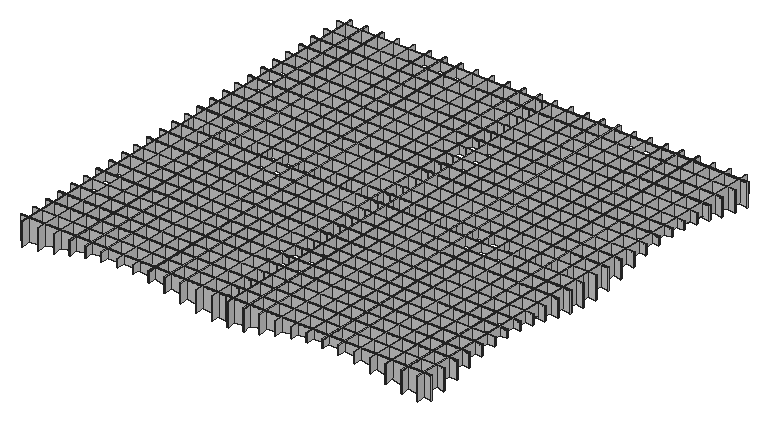
Revit family "CLD-WFL-002_RFA", category Modelos genéricos, Revit 2022 (continued)
Forms (in)
  Extrusion 278, solid
    sketch origin (62.07278, 216, 0) x (0, -1, 0) y (0, 0, 1)
      loop
        spline (79.16322, 3.45665) -> (79.81589, 3.61318) -> (80.46845, 3.77015) -> (81.12094, 3.92726) -> (81.77342, 4.08422) -> (82.42595, 4.24075) -> (83.07858, 4.39655) -> (83.73137, 4.55134) -> (84.38439, 4.70482) -> (85.03768, 4.85671) -> (85.6913, 5.00672) -> (86.34531, 5.15455) -> (86.99978, 5.29992)
        spline (86.99978, 5.29992) -> (87.72678, 5.4553) -> (88.45445, 5.60712) -> (89.18284, 5.75506) -> (89.91202, 5.8988) -> (90.64204, 6.03803) -> (91.37299, 6.17243) -> (92.1049, 6.3017) -> (92.83786, 6.42551) -> (93.57191, 6.54354) -> (94.30712, 6.6555) -> (95.04356, 6.76106) -> (95.78122, 6.8601)
        spline (95.78122, 6.8601) -> (96.43065, 6.93786) -> (97.08095, 7.01021) -> (97.73207, 7.07724) -> (98.38393, 7.13903) -> (99.03648, 7.19567) -> (99.68963, 7.24723) -> (100.34334, 7.29382) -> (100.99753, 7.33551) -> (101.65213, 7.37238) -> (102.30709, 7.40452) -> (102.96233, 7.43202) -> (103.61778, 7.45496)
        spline (103.61778, 7.45496) -> (103.98301, 7.46494) -> (104.34826, 7.47372) -> (104.71353, 7.4813) -> (105.0788, 7.48768) -> (105.44406, 7.4929) -> (105.80931, 7.49695) -> (106.17454, 7.49984) -> (106.53973, 7.5016) -> (106.90488, 7.50223) -> (107.26998, 7.50173) -> (107.63503, 7.50014) -> (108, 7.49745)
        line (108, 7.49745) -> (108, 11.82144)
    from -0.47244 to 0
  Extrusion 279, solid
    sketch origin (62.54522, 216, 0) x (0, -1, 0) y (0, 0, 1)
      loop
        line (108, 11.82144) -> (0, 11.82144) -> (0, 7.49745)
        spline (0, 7.49745) -> (0.32561, 7.50061) -> (0.65129, 7.5028) -> (0.97702, 7.504) -> (1.3028, 7.50421) -> (1.62862, 7.5034) -> (1.95447, 7.50158) -> (2.28035, 7.49874) -> (2.60624, 7.49485) -> (2.93213, 7.48991) -> (3.25803, 7.48392) -> (3.58391, 7.47685) -> (3.90978, 7.46871)
        spline (3.90978, 7.46871) -> (4.64427, 7.44283) -> (5.37852, 7.41184) -> (6.11245, 7.37564) -> (6.84598, 7.33415) -> (7.57905, 7.28726) -> (8.31158, 7.23488) -> (9.04349, 7.17692) -> (9.77471, 7.11327) -> (10.50517, 7.04386) -> (11.23479, 6.96857) -> (11.9635, 6.88732) -> (12.69122, 6.80001)
        spline (12.69122, 6.80001) -> (13.34456, 6.71191) -> (13.99682, 6.61804) -> (14.64799, 6.5185) -> (15.29813, 6.41358) -> (15.94729, 6.30354) -> (16.59553, 6.18867) -> (17.2429, 6.06925) -> (17.88946, 5.94556) -> (18.53527, 5.81787) -> (19.18038, 5.68647) -> (19.82484, 5.55162) -> (20.46871, 5.41362)
        spline (20.46871, 5.41362) -> (21.20701, 5.25043) -> (21.94481, 5.08446) -> (22.68216, 4.91603) -> (23.41914, 4.74548) -> (24.15581, 4.57314) -> (24.89224, 4.39932) -> (25.62848, 4.22436) -> (26.36461, 4.04857) -> (27.10068, 3.8723) -> (27.83677, 3.69586) -> (28.57293, 3.51959) -> (29.30922, 3.3438)
        spline (29.30922, 3.3438) -> (29.95995, 3.18922) -> (30.61094, 3.03586) -> (31.26223, 2.884) -> (31.91387, 2.73392) -> (32.56591, 2.58591) -> (33.21841, 2.44027) -> (33.87141, 2.29726) -> (34.52497, 2.15719) -> (35.17914, 2.02034) -> (35.83396, 1.88699) -> (36.48949, 1.75744) -> (37.14578, 1.63196)
        spline (37.14578, 1.63196) -> (37.87194, 1.50186) -> (38.59907, 1.37703) -> (39.32723, 1.25779) -> (40.05647, 1.14445) -> (40.78684, 1.03728) -> (41.51831, 0.93629) -> (42.25083, 0.84139) -> (42.98434, 0.75249) -> (43.71879, 0.66948) -> (44.45413, 0.59228) -> (45.19029, 0.52078) -> (45.92722, 0.45488)
        spline (45.92722, 0.45488) -> (46.57816, 0.40504) -> (47.22964, 0.35985) -> (47.88162, 0.31924) -> (48.53404, 0.28312) -> (49.18687, 0.2514) -> (49.84004, 0.224) -> (50.49352, 0.20084) -> (51.14725, 0.18183) -> (51.80119, 0.1669) -> (52.45529, 0.15595) -> (53.1095, 0.14891) -> (53.76378, 0.14568)
        spline (53.76378, 0.14568) -> (54.49695, 0.14945) -> (55.23005, 0.1575) -> (55.96302, 0.16993) -> (56.69581, 0.18682) -> (57.42837, 0.20828) -> (58.16064, 0.23439) -> (58.89257, 0.26525) -> (59.6241, 0.30095) -> (60.35518, 0.34158) -> (61.08577, 0.38725) -> (61.8158, 0.43804) -> (62.54522, 0.49405)
        spline (62.54522, 0.49405) -> (63.20286, 0.55285) -> (63.85981, 0.61666) -> (64.51602, 0.68555) -> (65.17144, 0.75961) -> (65.82603, 0.83894) -> (66.47973, 0.92362) -> (67.1325, 1.01374) -> (67.78428, 1.10938) -> (68.43505, 1.21052) -> (69.08486, 1.31692) -> (69.73376, 1.42831) -> (70.38178, 1.54441)
        spline (70.38178, 1.54441) -> (71.11719, 1.68452) -> (71.85174, 1.82919) -> (72.58551, 1.97812) -> (73.31855, 2.13097) -> (74.05091, 2.28743) -> (74.78265, 2.44718) -> (75.51383, 2.60988) -> (76.24449, 2.77524) -> (76.97471, 2.94291) -> (77.70453, 3.11258) -> (78.43402, 3.28394) -> (79.16322, 3.45665)
        spline (79.16322, 3.45665) -> (79.81589, 3.61318) -> (80.46845, 3.77015) -> (81.12094, 3.92726) -> (81.77342, 4.08422) -> (82.42595, 4.24075) -> (83.07858, 4.39655) -> (83.73137, 4.55134) -> (84.38439, 4.70482) -> (85.03768, 4.85671) -> (85.6913, 5.00672) -> (86.34531, 5.15455) -> (86.99978, 5.29992)
        spline (86.99978, 5.29992) -> (87.72678, 5.4553) -> (88.45445, 5.60712) -> (89.18284, 5.75506) -> (89.91202, 5.8988) -> (90.64204, 6.03803) -> (91.37299, 6.17243) -> (92.1049, 6.3017) -> (92.83786, 6.42551) -> (93.57191, 6.54354) -> (94.30712, 6.6555) -> (95.04356, 6.76106) -> (95.78122, 6.8601)
        spline (95.78122, 6.8601) -> (96.43065, 6.93786) -> (97.08095, 7.01021) -> (97.73207, 7.07724) -> (98.38393, 7.13903) -> (99.03648, 7.19567) -> (99.68963, 7.24723) -> (100.34334, 7.29382) -> (100.99753, 7.33551) -> (101.65213, 7.37238) -> (102.30709, 7.40452) -> (102.96233, 7.43202) -> (103.61778, 7.45496)
        spline (103.61778, 7.45496) -> (103.98301, 7.46494) -> (104.34826, 7.47372) -> (104.71353, 7.4813) -> (105.0788, 7.48768) -> (105.44406, 7.4929) -> (105.80931, 7.49695) -> (106.17454, 7.49984) -> (106.53973, 7.5016) -> (106.90488, 7.50223) -> (107.26998, 7.50173) -> (107.63503, 7.50014) -> (108, 7.49745)
        line (108, 7.49745) -> (108, 11.82144)
    from -0.11811 to 0
  Extrusion 280, solid
    sketch origin (70.26367, 216, 0) x (0, -1, 0) y (0, 0, 1)
      loop
        line (108, 11.82144) -> (0, 11.82144) -> (0, 6.40455)
        spline (0, 6.40455) -> (0.32561, 6.42139) -> (0.65129, 6.43729) -> (0.97702, 6.45226) -> (1.3028, 6.46628) -> (1.62862, 6.47935) -> (1.95447, 6.49146) -> (2.28035, 6.50259) -> (2.60624, 6.51274) -> (2.93213, 6.52189) -> (3.25803, 6.53005) -> (3.58391, 6.5372) -> (3.90978, 6.54334)
        spline (3.90978, 6.54334) -> (4.64427, 6.55011) -> (5.37852, 6.55208) -> (6.11244, 6.54917) -> (6.84598, 6.5413) -> (7.57905, 6.52839) -> (8.31157, 6.51035) -> (9.04349, 6.4871) -> (9.77471, 6.45856) -> (10.50517, 6.42465) -> (11.23479, 6.38528) -> (11.9635, 6.34038) -> (12.69122, 6.28985)
        spline (12.69122, 6.28985) -> (13.34952, 6.23514) -> (14.00673, 6.17505) -> (14.66285, 6.10968) -> (15.31792, 6.03926) -> (15.97202, 5.96405) -> (16.62518, 5.88427) -> (17.27747, 5.80017) -> (17.92894, 5.712) -> (18.57965, 5.62) -> (19.22966, 5.52441) -> (19.87902, 5.42547) -> (20.52778, 5.32343)
        spline (20.52778, 5.32343) -> (21.26115, 5.20293) -> (21.99402, 5.07965) -> (22.72645, 4.95385) -> (23.4585, 4.82583) -> (24.19025, 4.69586) -> (24.92176, 4.56423) -> (25.65308, 4.43121) -> (26.38429, 4.29709) -> (27.11544, 4.16214) -> (27.84661, 4.02665) -> (28.57785, 3.8909) -> (29.30922, 3.75516)
        spline (29.30922, 3.75516) -> (29.95995, 3.63466) -> (30.61094, 3.51485) -> (31.26223, 3.39599) -> (31.91387, 3.2783) -> (32.56591, 3.16206) -> (33.21841, 3.04749) -> (33.87141, 2.93486) -> (34.52497, 2.8244) -> (35.17914, 2.71637) -> (35.83396, 2.61101) -> (36.48949, 2.50857) -> (37.14578, 2.4093)
        spline (37.14578, 2.4093) -> (37.87194, 2.30632) -> (38.59907, 2.20751) -> (39.32723, 2.11315) -> (40.05647, 2.02349) -> (40.78684, 1.93878) -> (41.51831, 1.85902) -> (42.25083, 1.78415) -> (42.98434, 1.71406) -> (43.71879, 1.64869) -> (44.45413, 1.58794) -> (45.19029, 1.53174) -> (45.92722, 1.47999)
        spline (45.92722, 1.47999) -> (46.57816, 1.44092) -> (47.22964, 1.40553) -> (47.88162, 1.37376) -> (48.53404, 1.34552) -> (49.18687, 1.32076) -> (49.84004, 1.2994) -> (50.49352, 1.28136) -> (51.14725, 1.26658) -> (51.80119, 1.25497) -> (52.45529, 1.24648) -> (53.1095, 1.24101) -> (53.76378, 1.23852)
        spline (53.76378, 1.23852) -> (54.49695, 1.24145) -> (55.23005, 1.2477) -> (55.96302, 1.25736) -> (56.69581, 1.2705) -> (57.42836, 1.2872) -> (58.16063, 1.30755) -> (58.89256, 1.33163) -> (59.62409, 1.35951) -> (60.35518, 1.39128) -> (61.08577, 1.42702) -> (61.8158, 1.46681) -> (62.54522, 1.51073)
        spline (62.54522, 1.51073) -> (63.20286, 1.5569) -> (63.85981, 1.60706) -> (64.51602, 1.66127) -> (65.17144, 1.7196) -> (65.82603, 1.78214) -> (66.47973, 1.84896) -> (67.1325, 1.92013) -> (67.78428, 1.99572) -> (68.43505, 2.07573) -> (69.08486, 2.15994) -> (69.73376, 2.24811) -> (70.38178, 2.34001)
        spline (70.38178, 2.34001) -> (71.11719, 2.45082) -> (71.85175, 2.56518) -> (72.58552, 2.6828) -> (73.31856, 2.80343) -> (74.05092, 2.92677) -> (74.78266, 3.05256) -> (75.51384, 3.1805) -> (76.2445, 3.31033) -> (76.97472, 3.44177) -> (77.70454, 3.57454) -> (78.43402, 3.70836) -> (79.16322, 3.84296)
        spline (79.16322, 3.84296) -> (79.81589, 3.96449) -> (80.46845, 4.08604) -> (81.12094, 4.20735) -> (81.77342, 4.32817) -> (82.42595, 4.44826) -> (83.07858, 4.56736) -> (83.73137, 4.68523) -> (84.38439, 4.80161) -> (85.03768, 4.91625) -> (85.6913, 5.02891) -> (86.34531, 5.13933) -> (86.99978, 5.24726)
        spline (86.99978, 5.24726) -> (87.72678, 5.36123) -> (88.45444, 5.47173) -> (89.18283, 5.57848) -> (89.91201, 5.68121) -> (90.64203, 5.77964) -> (91.37298, 5.87351) -> (92.10489, 5.96254) -> (92.83785, 6.04646) -> (93.5719, 6.125) -> (94.30712, 6.19789) -> (95.04356, 6.26486) -> (95.78122, 6.32579)
        spline (95.78122, 6.32579) -> (96.46987, 6.37175) -> (97.15943, 6.41238) -> (97.84985, 6.44778) -> (98.54104, 6.47801) -> (99.23294, 6.50316) -> (99.92548, 6.5233) -> (100.61859, 6.53851) -> (101.3122, 6.54886) -> (102.00624, 6.55445) -> (102.70063, 6.55534) -> (103.39532, 6.55161) -> (104.09022, 6.54334)
        spline (104.09022, 6.54334) -> (104.41609, 6.5372) -> (104.74197, 6.53005) -> (105.06787, 6.52189) -> (105.39376, 6.51274) -> (105.71965, 6.50259) -> (106.04553, 6.49146) -> (106.37138, 6.47935) -> (106.6972, 6.46628) -> (107.02298, 6.45226) -> (107.34871, 6.43729) -> (107.67439, 6.42139) -> (108, 6.40455)
        line (108, 6.40455) -> (108, 11.82144)
    from -0.11811 to 0
  Extrusion 281, solid
    sketch origin (70.38178, 216, 0) x (0, -1, 0) y (0, 0, 1)
      loop
        line (108, 11.82144) -> (0, 11.82144) -> (0, 6.40455)
        spline (0, 6.40455) -> (0.32561, 6.42139) -> (0.65129, 6.43729) -> (0.97702, 6.45226) -> (1.3028, 6.46628) -> (1.62862, 6.47935) -> (1.95447, 6.49146) -> (2.28035, 6.50259) -> (2.60624, 6.51274) -> (2.93213, 6.52189) -> (3.25803, 6.53005) -> (3.58391, 6.5372) -> (3.90978, 6.54334)
        spline (3.90978, 6.54334) -> (4.64427, 6.55011) -> (5.37852, 6.55208) -> (6.11244, 6.54917) -> (6.84598, 6.5413) -> (7.57905, 6.52839) -> (8.31157, 6.51035) -> (9.04349, 6.4871) -> (9.77471, 6.45856) -> (10.50517, 6.42465) -> (11.23479, 6.38528) -> (11.9635, 6.34038) -> (12.69122, 6.28985)
        spline (12.69122, 6.28985) -> (13.34952, 6.23514) -> (14.00673, 6.17505) -> (14.66285, 6.10968) -> (15.31792, 6.03926) -> (15.97202, 5.96405) -> (16.62518, 5.88427) -> (17.27747, 5.80017) -> (17.92894, 5.712) -> (18.57965, 5.62) -> (19.22966, 5.52441) -> (19.87902, 5.42547) -> (20.52778, 5.32343)
        spline (20.52778, 5.32343) -> (21.26115, 5.20293) -> (21.99402, 5.07965) -> (22.72645, 4.95385) -> (23.4585, 4.82583) -> (24.19025, 4.69586) -> (24.92176, 4.56423) -> (25.65308, 4.43121) -> (26.38429, 4.29709) -> (27.11544, 4.16214) -> (27.84661, 4.02665) -> (28.57785, 3.8909) -> (29.30922, 3.75516)
        spline (29.30922, 3.75516) -> (29.95995, 3.63466) -> (30.61094, 3.51485) -> (31.26223, 3.39599) -> (31.91387, 3.2783) -> (32.56591, 3.16206) -> (33.21841, 3.04749) -> (33.87141, 2.93486) -> (34.52497, 2.8244) -> (35.17914, 2.71637) -> (35.83396, 2.61101) -> (36.48949, 2.50857) -> (37.14578, 2.4093)
        spline (37.14578, 2.4093) -> (37.87194, 2.30632) -> (38.59907, 2.20751) -> (39.32723, 2.11315) -> (40.05647, 2.02349) -> (40.78684, 1.93878) -> (41.51831, 1.85902) -> (42.25083, 1.78415) -> (42.98434, 1.71406) -> (43.71879, 1.64869) -> (44.45413, 1.58794) -> (45.19029, 1.53174) -> (45.92722, 1.47999)
        spline (45.92722, 1.47999) -> (46.57816, 1.44092) -> (47.22964, 1.40553) -> (47.88162, 1.37376) -> (48.53404, 1.34552) -> (49.18687, 1.32076) -> (49.84004, 1.2994) -> (50.49352, 1.28136) -> (51.14725, 1.26658) -> (51.80119, 1.25497) -> (52.45529, 1.24648) -> (53.1095, 1.24101) -> (53.76378, 1.23852)
        spline (53.76378, 1.23852) -> (54.49695, 1.24145) -> (55.23005, 1.2477) -> (55.96302, 1.25736) -> (56.69581, 1.2705) -> (57.42836, 1.2872) -> (58.16063, 1.30755) -> (58.89256, 1.33163) -> (59.62409, 1.35951) -> (60.35518, 1.39128) -> (61.08577, 1.42702) -> (61.8158, 1.46681) -> (62.54522, 1.51073)
        spline (62.54522, 1.51073) -> (63.20286, 1.5569) -> (63.85981, 1.60706) -> (64.51602, 1.66127) -> (65.17144, 1.7196) -> (65.82603, 1.78214) -> (66.47973, 1.84896) -> (67.1325, 1.92013) -> (67.78428, 1.99572) -> (68.43505, 2.07573) -> (69.08486, 2.15994) -> (69.73376, 2.24811) -> (70.38178, 2.34001)
        spline (70.38178, 2.34001) -> (71.11719, 2.45082) -> (71.85175, 2.56518) -> (72.58552, 2.6828) -> (73.31856, 2.80343) -> (74.05092, 2.92677) -> (74.78266, 3.05256) -> (75.51384, 3.1805) -> (76.2445, 3.31033) -> (76.97472, 3.44177) -> (77.70454, 3.57454) -> (78.43402, 3.70836) -> (79.16322, 3.84296)
        spline (79.16322, 3.84296) -> (79.81589, 3.96449) -> (80.46845, 4.08604) -> (81.12094, 4.20735) -> (81.77342, 4.32817) -> (82.42595, 4.44826) -> (83.07858, 4.56736) -> (83.73137, 4.68523) -> (84.38439, 4.80161) -> (85.03768, 4.91625) -> (85.6913, 5.02891) -> (86.34531, 5.13933) -> (86.99978, 5.24726)
        spline (86.99978, 5.24726) -> (87.72678, 5.36123) -> (88.45444, 5.47173) -> (89.18283, 5.57848) -> (89.91201, 5.68121) -> (90.64203, 5.77964) -> (91.37298, 5.87351) -> (92.10489, 5.96254) -> (92.83785, 6.04646) -> (93.5719, 6.125) -> (94.30712, 6.19789) -> (95.04356, 6.26486) -> (95.78122, 6.32579)
        spline (95.78122, 6.32579) -> (96.46987, 6.37175) -> (97.15943, 6.41238) -> (97.84985, 6.44778) -> (98.54104, 6.47801) -> (99.23294, 6.50316) -> (99.92548, 6.5233) -> (100.61859, 6.53851) -> (101.3122, 6.54886) -> (102.00624, 6.55445) -> (102.70063, 6.55534) -> (103.39532, 6.55161) -> (104.09022, 6.54334)
        spline (104.09022, 6.54334) -> (104.41609, 6.5372) -> (104.74197, 6.53005) -> (105.06787, 6.52189) -> (105.39376, 6.51274) -> (105.71965, 6.50259) -> (106.04553, 6.49146) -> (106.37138, 6.47935) -> (106.6972, 6.46628) -> (107.02298, 6.45226) -> (107.34871, 6.43729) -> (107.67439, 6.42139) -> (108, 6.40455)
        line (108, 6.40455) -> (108, 11.82144)
    from -0.47244 to 0
  Extrusion 282, solid
    sketch origin (70.85422, 216, 0) x (0, -1, 0) y (0, 0, 1)
      loop
        line (108, 11.82144) -> (0, 11.82144) -> (0, 6.40455)
        spline (0, 6.40455) -> (0.32561, 6.42139) -> (0.65129, 6.43729) -> (0.97702, 6.45226) -> (1.3028, 6.46628) -> (1.62862, 6.47935) -> (1.95447, 6.49146) -> (2.28035, 6.50259) -> (2.60624, 6.51274) -> (2.93213, 6.52189) -> (3.25803, 6.53005) -> (3.58391, 6.5372) -> (3.90978, 6.54334)
        spline (3.90978, 6.54334) -> (4.64427, 6.55011) -> (5.37852, 6.55208) -> (6.11244, 6.54917) -> (6.84598, 6.5413) -> (7.57905, 6.52839) -> (8.31157, 6.51035) -> (9.04349, 6.4871) -> (9.77471, 6.45856) -> (10.50517, 6.42465) -> (11.23479, 6.38528) -> (11.9635, 6.34038) -> (12.69122, 6.28985)
        spline (12.69122, 6.28985) -> (13.34952, 6.23514) -> (14.00673, 6.17505) -> (14.66285, 6.10968) -> (15.31792, 6.03926) -> (15.97202, 5.96405) -> (16.62518, 5.88427) -> (17.27747, 5.80017) -> (17.92894, 5.712) -> (18.57965, 5.62) -> (19.22966, 5.52441) -> (19.87902, 5.42547) -> (20.52778, 5.32343)
        spline (20.52778, 5.32343) -> (21.26115, 5.20293) -> (21.99402, 5.07965) -> (22.72645, 4.95385) -> (23.4585, 4.82583) -> (24.19025, 4.69586) -> (24.92176, 4.56423) -> (25.65308, 4.43121) -> (26.38429, 4.29709) -> (27.11544, 4.16214) -> (27.84661, 4.02665) -> (28.57785, 3.8909) -> (29.30922, 3.75516)
        spline (29.30922, 3.75516) -> (29.95995, 3.63466) -> (30.61094, 3.51485) -> (31.26223, 3.39599) -> (31.91387, 3.2783) -> (32.56591, 3.16206) -> (33.21841, 3.04749) -> (33.87141, 2.93486) -> (34.52497, 2.8244) -> (35.17914, 2.71637) -> (35.83396, 2.61101) -> (36.48949, 2.50857) -> (37.14578, 2.4093)
        spline (37.14578, 2.4093) -> (37.87194, 2.30632) -> (38.59907, 2.20751) -> (39.32723, 2.11315) -> (40.05647, 2.02349) -> (40.78684, 1.93878) -> (41.51831, 1.85902) -> (42.25083, 1.78415) -> (42.98434, 1.71406) -> (43.71879, 1.64869) -> (44.45413, 1.58794) -> (45.19029, 1.53174) -> (45.92722, 1.47999)
        spline (45.92722, 1.47999) -> (46.57816, 1.44092) -> (47.22964, 1.40553) -> (47.88162, 1.37376) -> (48.53404, 1.34552) -> (49.18687, 1.32076) -> (49.84004, 1.2994) -> (50.49352, 1.28136) -> (51.14725, 1.26658) -> (51.80119, 1.25497) -> (52.45529, 1.24648) -> (53.1095, 1.24101) -> (53.76378, 1.23852)
        spline (53.76378, 1.23852) -> (54.49695, 1.24145) -> (55.23005, 1.2477) -> (55.96302, 1.25736) -> (56.69581, 1.2705) -> (57.42836, 1.2872) -> (58.16063, 1.30755) -> (58.89256, 1.33163) -> (59.62409, 1.35951) -> (60.35518, 1.39128) -> (61.08577, 1.42702) -> (61.8158, 1.46681) -> (62.54522, 1.51073)
        spline (62.54522, 1.51073) -> (63.20286, 1.5569) -> (63.85981, 1.60706) -> (64.51602, 1.66127) -> (65.17144, 1.7196) -> (65.82603, 1.78214) -> (66.47973, 1.84896) -> (67.1325, 1.92013) -> (67.78428, 1.99572) -> (68.43505, 2.07573) -> (69.08486, 2.15994) -> (69.73376, 2.24811) -> (70.38178, 2.34001)
        spline (70.38178, 2.34001) -> (71.11719, 2.45082) -> (71.85175, 2.56518) -> (72.58552, 2.6828) -> (73.31856, 2.80343) -> (74.05092, 2.92677) -> (74.78266, 3.05256) -> (75.51384, 3.1805) -> (76.2445, 3.31033) -> (76.97472, 3.44177) -> (77.70454, 3.57454) -> (78.43402, 3.70836) -> (79.16322, 3.84296)
        spline (79.16322, 3.84296) -> (79.81589, 3.96449) -> (80.46845, 4.08604) -> (81.12094, 4.20735) -> (81.77342, 4.32817) -> (82.42595, 4.44826) -> (83.07858, 4.56736) -> (83.73137, 4.68523) -> (84.38439, 4.80161) -> (85.03768, 4.91625) -> (85.6913, 5.02891) -> (86.34531, 5.13933) -> (86.99978, 5.24726)
        spline (86.99978, 5.24726) -> (87.72678, 5.36123) -> (88.45444, 5.47173) -> (89.18283, 5.57848) -> (89.91201, 5.68121) -> (90.64203, 5.77964) -> (91.37298, 5.87351) -> (92.10489, 5.96254) -> (92.83785, 6.04646) -> (93.5719, 6.125) -> (94.30712, 6.19789) -> (95.04356, 6.26486) -> (95.78122, 6.32579)
        spline (95.78122, 6.32579) -> (96.46987, 6.37175) -> (97.15943, 6.41238) -> (97.84985, 6.44778) -> (98.54104, 6.47801) -> (99.23294, 6.50316) -> (99.92548, 6.5233) -> (100.61859, 6.53851) -> (101.3122, 6.54886) -> (102.00624, 6.55445) -> (102.70063, 6.55534) -> (103.39532, 6.55161) -> (104.09022, 6.54334)
        spline (104.09022, 6.54334) -> (104.41609, 6.5372) -> (104.74197, 6.53005) -> (105.06787, 6.52189) -> (105.39376, 6.51274) -> (105.71965, 6.50259) -> (106.04553, 6.49146) -> (106.37138, 6.47935) -> (106.6972, 6.46628) -> (107.02298, 6.45226) -> (107.34871, 6.43729) -> (107.67439, 6.42139) -> (108, 6.40455)
        line (108, 6.40455) -> (108, 11.82144)
    from -0.11811 to 0
  Extrusion 283, solid
    sketch origin (78.57267, 216, 0) x (0, -1, 0) y (0, 0, 1)
      loop
        line (108, 11.82144) -> (0, 11.82144) -> (0, 4.58891)
        spline (0, 4.58891) -> (0.32561, 4.62796) -> (0.65129, 4.66617) -> (0.97702, 4.70353) -> (1.3028, 4.74004) -> (1.62862, 4.77569) -> (1.95447, 4.81048) -> (2.28035, 4.84439) -> (2.60624, 4.87743) -> (2.93213, 4.90957) -> (3.25803, 4.94083) -> (3.58391, 4.97119) -> (3.90978, 5.00064)
        spline (3.90978, 5.00064) -> (4.64427, 5.06081) -> (5.37851, 5.11675) -> (6.11244, 5.16838) -> (6.84597, 5.21566) -> (7.57904, 5.25851) -> (8.31157, 5.29688) -> (9.04348, 5.33072) -> (9.7747, 5.35995) -> (10.50516, 5.38452) -> (11.23478, 5.40437) -> (11.96349, 5.41944) -> (12.69122, 5.42966)
        spline (12.69122, 5.42966) -> (13.34952, 5.43128) -> (14.00673, 5.42829) -> (14.66285, 5.42076) -> (15.31792, 5.40886) -> (15.97202, 5.39278) -> (16.62518, 5.37269) -> (17.27747, 5.34877) -> (17.92894, 5.32119) -> (18.57965, 5.29014) -> (19.22966, 5.2558) -> (19.87902, 5.21833) -> (20.52778, 5.17793)
        spline (20.52778, 5.17793) -> (21.26115, 5.12722) -> (21.99402, 5.0737) -> (22.72645, 5.01759) -> (23.45851, 4.95908) -> (24.19025, 4.89838) -> (24.92176, 4.8357) -> (25.65308, 4.77124) -> (26.38429, 4.70521) -> (27.11544, 4.63782) -> (27.84661, 4.56926) -> (28.57785, 4.49975) -> (29.30922, 4.42949)
        spline (29.30922, 4.42949) -> (29.95995, 4.366) -> (30.61094, 4.30234) -> (31.26223, 4.2387) -> (31.91387, 4.17525) -> (32.56591, 4.11218) -> (33.21841, 4.04966) -> (33.87141, 3.98789) -> (34.52497, 3.92703) -> (35.17914, 3.86728) -> (35.83396, 3.80881) -> (36.48949, 3.75181) -> (37.14578, 3.69645)
        spline (37.14578, 3.69645) -> (37.87194, 3.63892) -> (38.59907, 3.58371) -> (39.32723, 3.53102) -> (40.05647, 3.48105) -> (40.78684, 3.43397) -> (41.51831, 3.38979) -> (42.25083, 3.34845) -> (42.98434, 3.30989) -> (43.7188, 3.27405) -> (44.45413, 3.24086) -> (45.19029, 3.21027) -> (45.92722, 3.18221)
        spline (45.92722, 3.18221) -> (46.57816, 3.16116) -> (47.22964, 3.14217) -> (47.88162, 3.12519) -> (48.53404, 3.11017) -> (49.18687, 3.09705) -> (49.84004, 3.08579) -> (50.49352, 3.07632) -> (51.14725, 3.06859) -> (51.80119, 3.06255) -> (52.45529, 3.05816) -> (53.1095, 3.05535) -> (53.76378, 3.05407)
        spline (53.76378, 3.05407) -> (54.49695, 3.0556) -> (55.23004, 3.05885) -> (55.96301, 3.06387) -> (56.6958, 3.07073) -> (57.42836, 3.07948) -> (58.16062, 3.09019) -> (58.89255, 3.10292) -> (59.62409, 3.11771) -> (60.35517, 3.13464) -> (61.08576, 3.15376) -> (61.81579, 3.17514) -> (62.54522, 3.19882)
        spline (62.54522, 3.19882) -> (63.20286, 3.22386) -> (63.85981, 3.25117) -> (64.51602, 3.28078) -> (65.17144, 3.31277) -> (65.82603, 3.34719) -> (66.47973, 3.38408) -> (67.1325, 3.42351) -> (67.78428, 3.46553) -> (68.43505, 3.51013) -> (69.08486, 3.55715) -> (69.73376, 3.60642) -> (70.38178, 3.65777)
        spline (70.38178, 3.65777) -> (71.1172, 3.71948) -> (71.85176, 3.78304) -> (72.58554, 3.84824) -> (73.31858, 3.91488) -> (74.05094, 3.98275) -> (74.78268, 4.05166) -> (75.51385, 4.12139) -> (76.24452, 4.19176) -> (76.97473, 4.26254) -> (77.70455, 4.33354) -> (78.43403, 4.40456) -> (79.16322, 4.47539)
        spline (79.16322, 4.47539) -> (79.80403, 4.53723) -> (80.44473, 4.59841) -> (81.08536, 4.65876) -> (81.72599, 4.7181) -> (82.36666, 4.77623) -> (83.00743, 4.83299) -> (83.64836, 4.88819) -> (84.28951, 4.94166) -> (84.93093, 4.9932) -> (85.57267, 5.04265) -> (86.21481, 5.08982) -> (86.85738, 5.13453)
        spline (86.85738, 5.13453) -> (87.59614, 5.18092) -> (88.33559, 5.22395) -> (89.07577, 5.26344) -> (89.81676, 5.29917) -> (90.55862, 5.33094) -> (91.30141, 5.35856) -> (92.04519, 5.38181) -> (92.79004, 5.4005) -> (93.53601, 5.41442) -> (94.28316, 5.42338) -> (95.03157, 5.42716) -> (95.78122, 5.4257)
        spline (95.78122, 5.4257) -> (96.43065, 5.41648) -> (97.08095, 5.40294) -> (97.73207, 5.38513) -> (98.38393, 5.36311) -> (99.03648, 5.33693) -> (99.68963, 5.30665) -> (100.34334, 5.27231) -> (100.99753, 5.23398) -> (101.65213, 5.19169) -> (102.30709, 5.14552) -> (102.96233, 5.09551) -> (103.61778, 5.04172)
        spline (103.61778, 5.04172) -> (103.98301, 5.00943) -> (104.34827, 4.97613) -> (104.71354, 4.94182) -> (105.07881, 4.90651) -> (105.44407, 4.8702) -> (105.80932, 4.83291) -> (106.17455, 4.79465) -> (106.53974, 4.75541) -> (106.90489, 4.71521) -> (107.26999, 4.67406) -> (107.63503, 4.63196) -> (108, 4.58891)
        line (108, 4.58891) -> (108, 11.82144)
    from -0.11811 to 0
  Extrusion 284, solid
    sketch origin (78.69078, 216, 0) x (0, -1, 0) y (0, 0, 1)
      loop
        line (108, 11.82144) -> (0, 11.82144) -> (0, 4.58891)
        spline (0, 4.58891) -> (0.32561, 4.62796) -> (0.65129, 4.66617) -> (0.97702, 4.70353) -> (1.3028, 4.74004) -> (1.62862, 4.77569) -> (1.95447, 4.81048) -> (2.28035, 4.84439) -> (2.60624, 4.87743) -> (2.93213, 4.90957) -> (3.25803, 4.94083) -> (3.58391, 4.97119) -> (3.90978, 5.00064)
        spline (3.90978, 5.00064) -> (4.64427, 5.06081) -> (5.37851, 5.11675) -> (6.11244, 5.16838) -> (6.84597, 5.21566) -> (7.57904, 5.25851) -> (8.31157, 5.29688) -> (9.04348, 5.33072) -> (9.7747, 5.35995) -> (10.50516, 5.38452) -> (11.23478, 5.40437) -> (11.96349, 5.41944) -> (12.69122, 5.42966)
        spline (12.69122, 5.42966) -> (13.34952, 5.43128) -> (14.00673, 5.42829) -> (14.66285, 5.42076) -> (15.31792, 5.40886) -> (15.97202, 5.39278) -> (16.62518, 5.37269) -> (17.27747, 5.34877) -> (17.92894, 5.32119) -> (18.57965, 5.29014) -> (19.22966, 5.2558) -> (19.87902, 5.21833) -> (20.52778, 5.17793)
        spline (20.52778, 5.17793) -> (21.26115, 5.12722) -> (21.99402, 5.0737) -> (22.72645, 5.01759) -> (23.45851, 4.95908) -> (24.19025, 4.89838) -> (24.92176, 4.8357) -> (25.65308, 4.77124) -> (26.38429, 4.70521) -> (27.11544, 4.63782) -> (27.84661, 4.56926) -> (28.57785, 4.49975) -> (29.30922, 4.42949)
        spline (29.30922, 4.42949) -> (29.95995, 4.366) -> (30.61094, 4.30234) -> (31.26223, 4.2387) -> (31.91387, 4.17525) -> (32.56591, 4.11218) -> (33.21841, 4.04966) -> (33.87141, 3.98789) -> (34.52497, 3.92703) -> (35.17914, 3.86728) -> (35.83396, 3.80881) -> (36.48949, 3.75181) -> (37.14578, 3.69645)
        spline (37.14578, 3.69645) -> (37.87194, 3.63892) -> (38.59907, 3.58371) -> (39.32723, 3.53102) -> (40.05647, 3.48105) -> (40.78684, 3.43397) -> (41.51831, 3.38979) -> (42.25083, 3.34845) -> (42.98434, 3.30989) -> (43.7188, 3.27405) -> (44.45413, 3.24086) -> (45.19029, 3.21027) -> (45.92722, 3.18221)
        spline (45.92722, 3.18221) -> (46.57816, 3.16116) -> (47.22964, 3.14217) -> (47.88162, 3.12519) -> (48.53404, 3.11017) -> (49.18687, 3.09705) -> (49.84004, 3.08579) -> (50.49352, 3.07632) -> (51.14725, 3.06859) -> (51.80119, 3.06255) -> (52.45529, 3.05816) -> (53.1095, 3.05535) -> (53.76378, 3.05407)
        spline (53.76378, 3.05407) -> (54.49695, 3.0556) -> (55.23004, 3.05885) -> (55.96301, 3.06387) -> (56.6958, 3.07073) -> (57.42836, 3.07948) -> (58.16062, 3.09019) -> (58.89255, 3.10292) -> (59.62409, 3.11771) -> (60.35517, 3.13464) -> (61.08576, 3.15376) -> (61.81579, 3.17514) -> (62.54522, 3.19882)
        spline (62.54522, 3.19882) -> (63.20286, 3.22386) -> (63.85981, 3.25117) -> (64.51602, 3.28078) -> (65.17144, 3.31277) -> (65.82603, 3.34719) -> (66.47973, 3.38408) -> (67.1325, 3.42351) -> (67.78428, 3.46553) -> (68.43505, 3.51013) -> (69.08486, 3.55715) -> (69.73376, 3.60642) -> (70.38178, 3.65777)
        spline (70.38178, 3.65777) -> (71.1172, 3.71948) -> (71.85176, 3.78304) -> (72.58554, 3.84824) -> (73.31858, 3.91488) -> (74.05094, 3.98275) -> (74.78268, 4.05166) -> (75.51385, 4.12139) -> (76.24452, 4.19176) -> (76.97473, 4.26254) -> (77.70455, 4.33354) -> (78.43403, 4.40456) -> (79.16322, 4.47539)
        spline (79.16322, 4.47539) -> (79.80403, 4.53723) -> (80.44473, 4.59841) -> (81.08536, 4.65876) -> (81.72599, 4.7181) -> (82.36666, 4.77623) -> (83.00743, 4.83299) -> (83.64836, 4.88819) -> (84.28951, 4.94166) -> (84.93093, 4.9932) -> (85.57267, 5.04265) -> (86.21481, 5.08982) -> (86.85738, 5.13453)
        spline (86.85738, 5.13453) -> (87.59614, 5.18092) -> (88.33559, 5.22395) -> (89.07577, 5.26344) -> (89.81676, 5.29917) -> (90.55862, 5.33094) -> (91.30141, 5.35856) -> (92.04519, 5.38181) -> (92.79004, 5.4005) -> (93.53601, 5.41442) -> (94.28316, 5.42338) -> (95.03157, 5.42716) -> (95.78122, 5.4257)
        spline (95.78122, 5.4257) -> (96.43065, 5.41648) -> (97.08095, 5.40294) -> (97.73207, 5.38513) -> (98.38393, 5.36311) -> (99.03648, 5.33693) -> (99.68963, 5.30665) -> (100.34334, 5.27231) -> (100.99753, 5.23398) -> (101.65213, 5.19169) -> (102.30709, 5.14552) -> (102.96233, 5.09551) -> (103.61778, 5.04172)
        spline (103.61778, 5.04172) -> (103.98301, 5.00943) -> (104.34827, 4.97613) -> (104.71354, 4.94182) -> (105.07881, 4.90651) -> (105.44407, 4.8702) -> (105.80932, 4.83291) -> (106.17455, 4.79465) -> (106.53974, 4.75541) -> (106.90489, 4.71521) -> (107.26999, 4.67406) -> (107.63503, 4.63196) -> (108, 4.58891)
        line (108, 4.58891) -> (108, 11.82144)
    from -0.47244 to 0
  Extrusion 285, solid
    sketch origin (79.16322, 216, 0) x (0, -1, 0) y (0, 0, 1)
      loop
        line (108, 11.82144) -> (0, 11.82144) -> (0, 4.58891)
        spline (0, 4.58891) -> (0.32561, 4.62796) -> (0.65129, 4.66617) -> (0.97702, 4.70353) -> (1.3028, 4.74004) -> (1.62862, 4.77569) -> (1.95447, 4.81048) -> (2.28035, 4.84439) -> (2.60624, 4.87743) -> (2.93213, 4.90957) -> (3.25803, 4.94083) -> (3.58391, 4.97119) -> (3.90978, 5.00064)
        spline (3.90978, 5.00064) -> (4.64427, 5.06081) -> (5.37851, 5.11675) -> (6.11244, 5.16838) -> (6.84597, 5.21566) -> (7.57904, 5.25851) -> (8.31157, 5.29688) -> (9.04348, 5.33072) -> (9.7747, 5.35995) -> (10.50516, 5.38452) -> (11.23478, 5.40437) -> (11.96349, 5.41944) -> (12.69122, 5.42966)
        spline (12.69122, 5.42966) -> (13.34952, 5.43128) -> (14.00673, 5.42829) -> (14.66285, 5.42076) -> (15.31792, 5.40886) -> (15.97202, 5.39278) -> (16.62518, 5.37269) -> (17.27747, 5.34877) -> (17.92894, 5.32119) -> (18.57965, 5.29014) -> (19.22966, 5.2558) -> (19.87902, 5.21833) -> (20.52778, 5.17793)
        spline (20.52778, 5.17793) -> (21.26115, 5.12722) -> (21.99402, 5.0737) -> (22.72645, 5.01759) -> (23.45851, 4.95908) -> (24.19025, 4.89838) -> (24.92176, 4.8357) -> (25.65308, 4.77124) -> (26.38429, 4.70521) -> (27.11544, 4.63782) -> (27.84661, 4.56926) -> (28.57785, 4.49975) -> (29.30922, 4.42949)
        spline (29.30922, 4.42949) -> (29.95995, 4.366) -> (30.61094, 4.30234) -> (31.26223, 4.2387) -> (31.91387, 4.17525) -> (32.56591, 4.11218) -> (33.21841, 4.04966) -> (33.87141, 3.98789) -> (34.52497, 3.92703) -> (35.17914, 3.86728) -> (35.83396, 3.80881) -> (36.48949, 3.75181) -> (37.14578, 3.69645)
        spline (37.14578, 3.69645) -> (37.87194, 3.63892) -> (38.59907, 3.58371) -> (39.32723, 3.53102) -> (40.05647, 3.48105) -> (40.78684, 3.43397) -> (41.51831, 3.38979) -> (42.25083, 3.34845) -> (42.98434, 3.30989) -> (43.7188, 3.27405) -> (44.45413, 3.24086) -> (45.19029, 3.21027) -> (45.92722, 3.18221)
        spline (45.92722, 3.18221) -> (46.57816, 3.16116) -> (47.22964, 3.14217) -> (47.88162, 3.12519) -> (48.53404, 3.11017) -> (49.18687, 3.09705) -> (49.84004, 3.08579) -> (50.49352, 3.07632) -> (51.14725, 3.06859) -> (51.80119, 3.06255) -> (52.45529, 3.05816) -> (53.1095, 3.05535) -> (53.76378, 3.05407)
        spline (53.76378, 3.05407) -> (54.49695, 3.0556) -> (55.23004, 3.05885) -> (55.96301, 3.06387) -> (56.6958, 3.07073) -> (57.42836, 3.07948) -> (58.16062, 3.09019) -> (58.89255, 3.10292) -> (59.62409, 3.11771) -> (60.35517, 3.13464) -> (61.08576, 3.15376) -> (61.81579, 3.17514) -> (62.54522, 3.19882)
        spline (62.54522, 3.19882) -> (63.20286, 3.22386) -> (63.85981, 3.25117) -> (64.51602, 3.28078) -> (65.17144, 3.31277) -> (65.82603, 3.34719) -> (66.47973, 3.38408) -> (67.1325, 3.42351) -> (67.78428, 3.46553) -> (68.43505, 3.51013) -> (69.08486, 3.55715) -> (69.73376, 3.60642) -> (70.38178, 3.65777)
        spline (70.38178, 3.65777) -> (71.1172, 3.71948) -> (71.85176, 3.78304) -> (72.58554, 3.84824) -> (73.31858, 3.91488) -> (74.05094, 3.98275) -> (74.78268, 4.05166) -> (75.51385, 4.12139) -> (76.24452, 4.19176) -> (76.97473, 4.26254) -> (77.70455, 4.33354) -> (78.43403, 4.40456) -> (79.16322, 4.47539)
        spline (79.16322, 4.47539) -> (79.80403, 4.53723) -> (80.44473, 4.59841) -> (81.08536, 4.65876) -> (81.72599, 4.7181) -> (82.36666, 4.77623) -> (83.00743, 4.83299) -> (83.64836, 4.88819) -> (84.28951, 4.94166) -> (84.93093, 4.9932) -> (85.57267, 5.04265) -> (86.21481, 5.08982) -> (86.85738, 5.13453)
        spline (86.85738, 5.13453) -> (87.59614, 5.18092) -> (88.33559, 5.22395) -> (89.07577, 5.26344) -> (89.81676, 5.29917) -> (90.55862, 5.33094) -> (91.30141, 5.35856) -> (92.04519, 5.38181) -> (92.79004, 5.4005) -> (93.53601, 5.41442) -> (94.28316, 5.42338) -> (95.03157, 5.42716) -> (95.78122, 5.4257)
        spline (95.78122, 5.4257) -> (96.43065, 5.41648) -> (97.08095, 5.40294) -> (97.73207, 5.38513) -> (98.38393, 5.36311) -> (99.03648, 5.33693) -> (99.68963, 5.30665) -> (100.34334, 5.27231) -> (100.99753, 5.23398) -> (101.65213, 5.19169) -> (102.30709, 5.14552) -> (102.96233, 5.09551) -> (103.61778, 5.04172)
        spline (103.61778, 5.04172) -> (103.98301, 5.00943) -> (104.34827, 4.97613) -> (104.71354, 4.94182) -> (105.07881, 4.90651) -> (105.44407, 4.8702) -> (105.80932, 4.83291) -> (106.17455, 4.79465) -> (106.53974, 4.75541) -> (106.90489, 4.71521) -> (107.26999, 4.67406) -> (107.63503, 4.63196) -> (108, 4.58891)
        line (108, 4.58891) -> (108, 11.82144)
    from -0.11811 to 0
  Extrusion 286, solid
    sketch origin (86.88167, 216, 0) x (0, -1, 0) y (0, 0, 1)
      loop
        line (108, 11.82144) -> (0, 11.82144) -> (0, 2.55729)
        spline (0, 2.55729) -> (0.32561, 2.61504) -> (0.65129, 2.67215) -> (0.97702, 2.72862) -> (1.3028, 2.78445) -> (1.62862, 2.83963) -> (1.95447, 2.89415) -> (2.28035, 2.94802) -> (2.60624, 3.00123) -> (2.93213, 3.05379) -> (3.25803, 3.10567) -> (3.58391, 3.15689) -> (3.90978, 3.20744)
        spline (3.90978, 3.20744) -> (4.64427, 3.31686) -> (5.37851, 3.42317) -> (6.11243, 3.52634) -> (6.84596, 3.62635) -> (7.57903, 3.72316) -> (8.31156, 3.81675) -> (9.04347, 3.90709) -> (9.77469, 3.99415) -> (10.50515, 4.07789) -> (11.23478, 4.1583) -> (11.96349, 4.23534) -> (12.69122, 4.30898)
        spline (12.69122, 4.30898) -> (13.34952, 4.37039) -> (14.00673, 4.4286) -> (14.66285, 4.48364) -> (15.31792, 4.53559) -> (15.97202, 4.58455) -> (16.62518, 4.63059) -> (17.27747, 4.67381) -> (17.92894, 4.71429) -> (18.57965, 4.75212) -> (19.22966, 4.78738) -> (19.87902, 4.82016) -> (20.52778, 4.85054)
        spline (20.52778, 4.85054) -> (21.26115, 4.88062) -> (21.99402, 4.90823) -> (22.72646, 4.93347) -> (23.45851, 4.95644) -> (24.19026, 4.97724) -> (24.92176, 4.99598) -> (25.65309, 5.01275) -> (26.38429, 5.02764) -> (27.11545, 5.04077) -> (27.84661, 5.05223) -> (28.57785, 5.06211) -> (29.30922, 5.07053)
        spline (29.30922, 5.07053) -> (29.95995, 5.07584) -> (30.61094, 5.08009) -> (31.26223, 5.08336) -> (31.91387, 5.08574) -> (32.56591, 5.08733) -> (33.21841, 5.0882) -> (33.87141, 5.08846) -> (34.52497, 5.08817) -> (35.17914, 5.08744) -> (35.83396, 5.08636) -> (36.48949, 5.085) -> (37.14578, 5.08346)
        spline (37.14578, 5.08346) -> (37.87194, 5.08165) -> (38.59907, 5.0799) -> (39.32723, 5.0783) -> (40.05647, 5.07696) -> (40.78684, 5.07594) -> (41.51831, 5.07527) -> (42.25083, 5.07491) -> (42.98434, 5.07483) -> (43.7188, 5.075) -> (44.45413, 5.07538) -> (45.19029, 5.07596) -> (45.92722, 5.0767)
        spline (45.92722, 5.0767) -> (46.57816, 5.07753) -> (47.22964, 5.07843) -> (47.88162, 5.07937) -> (48.53404, 5.08033) -> (49.18687, 5.08128) -> (49.84004, 5.0822) -> (50.49352, 5.08306) -> (51.14725, 5.08383) -> (51.80119, 5.0845) -> (52.45529, 5.08503) -> (53.1095, 5.0854) -> (53.76378, 5.08558)
        spline (53.76378, 5.08558) -> (54.49695, 5.08542) -> (55.23004, 5.08505) -> (55.96301, 5.0845) -> (56.6958, 5.0838) -> (57.42835, 5.08298) -> (58.16062, 5.08206) -> (58.89255, 5.08107) -> (59.62408, 5.08005) -> (60.35517, 5.07902) -> (61.08576, 5.07801) -> (61.81579, 5.07705) -> (62.54522, 5.07616)
        spline (62.54522, 5.07616) -> (63.20286, 5.07551) -> (63.85981, 5.075) -> (64.51602, 5.07466) -> (65.17144, 5.07452) -> (65.82603, 5.0746) -> (66.47973, 5.07493) -> (67.1325, 5.07554) -> (67.78428, 5.07645) -> (68.43505, 5.07766) -> (69.08486, 5.07909) -> (69.73376, 5.08066) -> (70.38178, 5.08229)
        spline (70.38178, 5.08229) -> (71.1172, 5.08386) -> (71.85177, 5.08523) -> (72.58555, 5.08629) -> (73.31859, 5.08695) -> (74.05095, 5.08712) -> (74.78269, 5.08668) -> (75.51386, 5.08555) -> (76.24453, 5.08362) -> (76.97474, 5.08079) -> (77.70455, 5.07697) -> (78.43403, 5.07206) -> (79.16322, 5.06596)
        spline (79.16322, 5.06596) -> (79.81589, 5.05858) -> (80.46845, 5.04989) -> (81.12094, 5.0398) -> (81.77342, 5.02821) -> (82.42595, 5.01505) -> (83.07858, 5.00022) -> (83.73137, 4.98363) -> (84.38439, 4.9652) -> (85.03768, 4.94483) -> (85.6913, 4.92244) -> (86.34531, 4.89793) -> (86.99978, 4.87123)
        spline (86.99978, 4.87123) -> (87.72677, 4.83707) -> (88.45442, 4.80022) -> (89.18281, 4.7606) -> (89.91198, 4.7181) -> (90.642, 4.67263) -> (91.37294, 4.62408) -> (92.10486, 4.57237) -> (92.83781, 4.5174) -> (93.57187, 4.45907) -> (94.3071, 4.39728) -> (95.04355, 4.33194) -> (95.78122, 4.26301)
        spline (95.78122, 4.26301) -> (96.43065, 4.19725) -> (97.08095, 4.12847) -> (97.73207, 4.05667) -> (98.38393, 3.9819) -> (99.03648, 3.90417) -> (99.68963, 3.82352) -> (100.34334, 3.73996) -> (100.99753, 3.65352) -> (101.65213, 3.56424) -> (102.30709, 3.47213) -> (102.96233, 3.37722) -> (103.61778, 3.27954)
        spline (103.61778, 3.27954) -> (103.98302, 3.22342) -> (104.34828, 3.16655) -> (104.71355, 3.10893) -> (105.07882, 3.05057) -> (105.44409, 2.99146) -> (105.80934, 2.93162) -> (106.17456, 2.87105) -> (106.53976, 2.80974) -> (106.9049, 2.74771) -> (107.27, 2.68496) -> (107.63504, 2.62148) -> (108, 2.55729)
        line (108, 2.55729) -> (108, 11.82144)
    from -0.11811 to 0
  Extrusion 287, solid
    sketch origin (86.99978, 216, 0) x (0, -1, 0) y (0, 0, 1)
      loop
        line (108, 11.82144) -> (0, 11.82144) -> (0, 2.55729)
        spline (0, 2.55729) -> (0.32561, 2.61504) -> (0.65129, 2.67215) -> (0.97702, 2.72862) -> (1.3028, 2.78445) -> (1.62862, 2.83963) -> (1.95447, 2.89415) -> (2.28035, 2.94802) -> (2.60624, 3.00123) -> (2.93213, 3.05379) -> (3.25803, 3.10567) -> (3.58391, 3.15689) -> (3.90978, 3.20744)
        spline (3.90978, 3.20744) -> (4.64427, 3.31686) -> (5.37851, 3.42317) -> (6.11243, 3.52634) -> (6.84596, 3.62635) -> (7.57903, 3.72316) -> (8.31156, 3.81675) -> (9.04347, 3.90709) -> (9.77469, 3.99415) -> (10.50515, 4.07789) -> (11.23478, 4.1583) -> (11.96349, 4.23534) -> (12.69122, 4.30898)
        spline (12.69122, 4.30898) -> (13.34952, 4.37039) -> (14.00673, 4.4286) -> (14.66285, 4.48364) -> (15.31792, 4.53559) -> (15.97202, 4.58455) -> (16.62518, 4.63059) -> (17.27747, 4.67381) -> (17.92894, 4.71429) -> (18.57965, 4.75212) -> (19.22966, 4.78738) -> (19.87902, 4.82016) -> (20.52778, 4.85054)
        spline (20.52778, 4.85054) -> (21.26115, 4.88062) -> (21.99402, 4.90823) -> (22.72646, 4.93347) -> (23.45851, 4.95644) -> (24.19026, 4.97724) -> (24.92176, 4.99598) -> (25.65309, 5.01275) -> (26.38429, 5.02764) -> (27.11545, 5.04077) -> (27.84661, 5.05223) -> (28.57785, 5.06211) -> (29.30922, 5.07053)
        spline (29.30922, 5.07053) -> (29.95995, 5.07584) -> (30.61094, 5.08009) -> (31.26223, 5.08336) -> (31.91387, 5.08574) -> (32.56591, 5.08733) -> (33.21841, 5.0882) -> (33.87141, 5.08846) -> (34.52497, 5.08817) -> (35.17914, 5.08744) -> (35.83396, 5.08636) -> (36.48949, 5.085) -> (37.14578, 5.08346)
        spline (37.14578, 5.08346) -> (37.87194, 5.08165) -> (38.59907, 5.0799) -> (39.32723, 5.0783) -> (40.05647, 5.07696) -> (40.78684, 5.07594) -> (41.51831, 5.07527) -> (42.25083, 5.07491) -> (42.98434, 5.07483) -> (43.7188, 5.075) -> (44.45413, 5.07538) -> (45.19029, 5.07596) -> (45.92722, 5.0767)
        spline (45.92722, 5.0767) -> (46.57816, 5.07753) -> (47.22964, 5.07843) -> (47.88162, 5.07937) -> (48.53404, 5.08033) -> (49.18687, 5.08128) -> (49.84004, 5.0822) -> (50.49352, 5.08306) -> (51.14725, 5.08383) -> (51.80119, 5.0845) -> (52.45529, 5.08503) -> (53.1095, 5.0854) -> (53.76378, 5.08558)
        spline (53.76378, 5.08558) -> (54.49695, 5.08542) -> (55.23004, 5.08505) -> (55.96301, 5.0845) -> (56.6958, 5.0838) -> (57.42835, 5.08298) -> (58.16062, 5.08206) -> (58.89255, 5.08107) -> (59.62408, 5.08005) -> (60.35517, 5.07902) -> (61.08576, 5.07801) -> (61.81579, 5.07705) -> (62.54522, 5.07616)
        spline (62.54522, 5.07616) -> (63.20286, 5.07551) -> (63.85981, 5.075) -> (64.51602, 5.07466) -> (65.17144, 5.07452) -> (65.82603, 5.0746) -> (66.47973, 5.07493) -> (67.1325, 5.07554) -> (67.78428, 5.07645) -> (68.43505, 5.07766) -> (69.08486, 5.07909) -> (69.73376, 5.08066) -> (70.38178, 5.08229)
        spline (70.38178, 5.08229) -> (71.1172, 5.08386) -> (71.85177, 5.08523) -> (72.58555, 5.08629) -> (73.31859, 5.08695) -> (74.05095, 5.08712) -> (74.78269, 5.08668) -> (75.51386, 5.08555) -> (76.24453, 5.08362) -> (76.97474, 5.08079) -> (77.70455, 5.07697) -> (78.43403, 5.07206) -> (79.16322, 5.06596)
        spline (79.16322, 5.06596) -> (79.81589, 5.05858) -> (80.46845, 5.04989) -> (81.12094, 5.0398) -> (81.77342, 5.02821) -> (82.42595, 5.01505) -> (83.07858, 5.00022) -> (83.73137, 4.98363) -> (84.38439, 4.9652) -> (85.03768, 4.94483) -> (85.6913, 4.92244) -> (86.34531, 4.89793) -> (86.99978, 4.87123)
        spline (86.99978, 4.87123) -> (87.72677, 4.83707) -> (88.45442, 4.80022) -> (89.18281, 4.7606) -> (89.91198, 4.7181) -> (90.642, 4.67263) -> (91.37294, 4.62408) -> (92.10486, 4.57237) -> (92.83781, 4.5174) -> (93.57187, 4.45907) -> (94.3071, 4.39728) -> (95.04355, 4.33194) -> (95.78122, 4.26301)
        spline (95.78122, 4.26301) -> (96.43065, 4.19725) -> (97.08095, 4.12847) -> (97.73207, 4.05667) -> (98.38393, 3.9819) -> (99.03648, 3.90417) -> (99.68963, 3.82352) -> (100.34334, 3.73996) -> (100.99753, 3.65352) -> (101.65213, 3.56424) -> (102.30709, 3.47213) -> (102.96233, 3.37722) -> (103.61778, 3.27954)
        spline (103.61778, 3.27954) -> (103.98302, 3.22342) -> (104.34828, 3.16655) -> (104.71355, 3.10893) -> (105.07882, 3.05057) -> (105.44409, 2.99146) -> (105.80934, 2.93162) -> (106.17456, 2.87105) -> (106.53976, 2.80974) -> (106.9049, 2.74771) -> (107.27, 2.68496) -> (107.63504, 2.62148) -> (108, 2.55729)
        line (108, 2.55729) -> (108, 11.82144)
    from -0.47244 to 0
  Extrusion 288, solid
    sketch origin (87.47222, 216, 0) x (0, -1, 0) y (0, 0, 1)
      loop
        line (108, 11.82144) -> (0, 11.82144) -> (0, 2.55729)
        spline (0, 2.55729) -> (0.32561, 2.61504) -> (0.65129, 2.67215) -> (0.97702, 2.72862) -> (1.3028, 2.78445) -> (1.62862, 2.83963) -> (1.95447, 2.89415) -> (2.28035, 2.94802) -> (2.60624, 3.00123) -> (2.93213, 3.05379) -> (3.25803, 3.10567) -> (3.58391, 3.15689) -> (3.90978, 3.20744)
        spline (3.90978, 3.20744) -> (4.64427, 3.31686) -> (5.37851, 3.42317) -> (6.11243, 3.52634) -> (6.84596, 3.62635) -> (7.57903, 3.72316) -> (8.31156, 3.81675) -> (9.04347, 3.90709) -> (9.77469, 3.99415) -> (10.50515, 4.07789) -> (11.23478, 4.1583) -> (11.96349, 4.23534) -> (12.69122, 4.30898)
        spline (12.69122, 4.30898) -> (13.34952, 4.37039) -> (14.00673, 4.4286) -> (14.66285, 4.48364) -> (15.31792, 4.53559) -> (15.97202, 4.58455) -> (16.62518, 4.63059) -> (17.27747, 4.67381) -> (17.92894, 4.71429) -> (18.57965, 4.75212) -> (19.22966, 4.78738) -> (19.87902, 4.82016) -> (20.52778, 4.85054)
        spline (20.52778, 4.85054) -> (21.26115, 4.88062) -> (21.99402, 4.90823) -> (22.72646, 4.93347) -> (23.45851, 4.95644) -> (24.19026, 4.97724) -> (24.92176, 4.99598) -> (25.65309, 5.01275) -> (26.38429, 5.02764) -> (27.11545, 5.04077) -> (27.84661, 5.05223) -> (28.57785, 5.06211) -> (29.30922, 5.07053)
        spline (29.30922, 5.07053) -> (29.95995, 5.07584) -> (30.61094, 5.08009) -> (31.26223, 5.08336) -> (31.91387, 5.08574) -> (32.56591, 5.08733) -> (33.21841, 5.0882) -> (33.87141, 5.08846) -> (34.52497, 5.08817) -> (35.17914, 5.08744) -> (35.83396, 5.08636) -> (36.48949, 5.085) -> (37.14578, 5.08346)
        spline (37.14578, 5.08346) -> (37.87194, 5.08165) -> (38.59907, 5.0799) -> (39.32723, 5.0783) -> (40.05647, 5.07696) -> (40.78684, 5.07594) -> (41.51831, 5.07527) -> (42.25083, 5.07491) -> (42.98434, 5.07483) -> (43.7188, 5.075) -> (44.45413, 5.07538) -> (45.19029, 5.07596) -> (45.92722, 5.0767)
        spline (45.92722, 5.0767) -> (46.57816, 5.07753) -> (47.22964, 5.07843) -> (47.88162, 5.07937) -> (48.53404, 5.08033) -> (49.18687, 5.08128) -> (49.84004, 5.0822) -> (50.49352, 5.08306) -> (51.14725, 5.08383) -> (51.80119, 5.0845) -> (52.45529, 5.08503) -> (53.1095, 5.0854) -> (53.76378, 5.08558)
        spline (53.76378, 5.08558) -> (54.49695, 5.08542) -> (55.23004, 5.08505) -> (55.96301, 5.0845) -> (56.6958, 5.0838) -> (57.42835, 5.08298) -> (58.16062, 5.08206) -> (58.89255, 5.08107) -> (59.62408, 5.08005) -> (60.35517, 5.07902) -> (61.08576, 5.07801) -> (61.81579, 5.07705) -> (62.54522, 5.07616)
        spline (62.54522, 5.07616) -> (63.20286, 5.07551) -> (63.85981, 5.075) -> (64.51602, 5.07466) -> (65.17144, 5.07452) -> (65.82603, 5.0746) -> (66.47973, 5.07493) -> (67.1325, 5.07554) -> (67.78428, 5.07645) -> (68.43505, 5.07766) -> (69.08486, 5.07909) -> (69.73376, 5.08066) -> (70.38178, 5.08229)
        spline (70.38178, 5.08229) -> (71.1172, 5.08386) -> (71.85177, 5.08523) -> (72.58555, 5.08629) -> (73.31859, 5.08695) -> (74.05095, 5.08712) -> (74.78269, 5.08668) -> (75.51386, 5.08555) -> (76.24453, 5.08362) -> (76.97474, 5.08079) -> (77.70455, 5.07697) -> (78.43403, 5.07206) -> (79.16322, 5.06596)
        spline (79.16322, 5.06596) -> (79.81589, 5.05858) -> (80.46845, 5.04989) -> (81.12094, 5.0398) -> (81.77342, 5.02821) -> (82.42595, 5.01505) -> (83.07858, 5.00022) -> (83.73137, 4.98363) -> (84.38439, 4.9652) -> (85.03768, 4.94483) -> (85.6913, 4.92244) -> (86.34531, 4.89793) -> (86.99978, 4.87123)
        spline (86.99978, 4.87123) -> (87.72677, 4.83707) -> (88.45442, 4.80022) -> (89.18281, 4.7606) -> (89.91198, 4.7181) -> (90.642, 4.67263) -> (91.37294, 4.62408) -> (92.10486, 4.57237) -> (92.83781, 4.5174) -> (93.57187, 4.45907) -> (94.3071, 4.39728) -> (95.04355, 4.33194) -> (95.78122, 4.26301)
        spline (95.78122, 4.26301) -> (96.43065, 4.19725) -> (97.08095, 4.12847) -> (97.73207, 4.05667) -> (98.38393, 3.9819) -> (99.03648, 3.90417) -> (99.68963, 3.82352) -> (100.34334, 3.73996) -> (100.99753, 3.65352) -> (101.65213, 3.56424) -> (102.30709, 3.47213) -> (102.96233, 3.37722) -> (103.61778, 3.27954)
        spline (103.61778, 3.27954) -> (103.98302, 3.22342) -> (104.34828, 3.16655) -> (104.71355, 3.10893) -> (105.07882, 3.05057) -> (105.44409, 2.99146) -> (105.80934, 2.93162) -> (106.17456, 2.87105) -> (106.53976, 2.80974) -> (106.9049, 2.74771) -> (107.27, 2.68496) -> (107.63504, 2.62148) -> (108, 2.55729)
        line (108, 2.55729) -> (108, 11.82144)
    from -0.11811 to 0
  Extrusion 289, solid
    sketch origin (95.19067, 216, 0) x (0, -1, 0) y (0, 0, 1)
      loop
        line (108, 11.82144) -> (0, 11.82144) -> (0, 0.88375)
        spline (0, 0.88375) -> (0.32561, 0.94348) -> (0.65129, 1.00296) -> (0.97702, 1.06219) -> (1.3028, 1.12116) -> (1.62862, 1.1799) -> (1.95447, 1.23838) -> (2.28035, 1.29662) -> (2.60624, 1.35462) -> (2.93213, 1.41237) -> (3.25803, 1.46988) -> (3.58391, 1.52715) -> (3.90978, 1.58418)
        spline (3.90978, 1.58418) -> (4.64426, 1.71122) -> (5.37851, 1.8372) -> (6.11243, 1.96212) -> (6.84596, 2.086) -> (7.57903, 2.20885) -> (8.31155, 2.33067) -> (9.04347, 2.45149) -> (9.77469, 2.57131) -> (10.50515, 2.69014) -> (11.23478, 2.80798) -> (11.96349, 2.92486) -> (12.69122, 3.04079)
        spline (12.69122, 3.04079) -> (13.34952, 3.14441) -> (14.00673, 3.24717) -> (14.66285, 3.34906) -> (15.31792, 3.45005) -> (15.97202, 3.55011) -> (16.62518, 3.64921) -> (17.27747, 3.74732) -> (17.92894, 3.8444) -> (18.57965, 3.94043) -> (19.22966, 4.03537) -> (19.87902, 4.12919) -> (20.52778, 4.22187)
        spline (20.52778, 4.22187) -> (21.26116, 4.32437) -> (21.99403, 4.42546) -> (22.72646, 4.52511) -> (23.45852, 4.62328) -> (24.19027, 4.71993) -> (24.92177, 4.81503) -> (25.6531, 4.90854) -> (26.3843, 5.00042) -> (27.11545, 5.09065) -> (27.84662, 5.17918) -> (28.57786, 5.26598) -> (29.30922, 5.35101)
        spline (29.30922, 5.35101) -> (29.95995, 5.42391) -> (30.61094, 5.49516) -> (31.26223, 5.56472) -> (31.91387, 5.63257) -> (32.56591, 5.69867) -> (33.21841, 5.763) -> (33.87141, 5.82551) -> (34.52497, 5.88618) -> (35.17914, 5.94498) -> (35.83396, 6.00187) -> (36.48949, 6.05683) -> (37.14578, 6.10982)
        spline (37.14578, 6.10982) -> (37.87194, 6.16453) -> (38.59907, 6.21702) -> (39.32723, 6.26723) -> (40.05647, 6.31514) -> (40.78684, 6.36072) -> (41.51831, 6.40397) -> (42.25083, 6.44489) -> (42.98434, 6.4835) -> (43.71879, 6.51981) -> (44.45413, 6.55383) -> (45.19029, 6.58557) -> (45.92722, 6.61503)
        spline (45.92722, 6.61503) -> (46.57816, 6.6376) -> (47.22964, 6.65822) -> (47.88162, 6.67689) -> (48.53404, 6.69363) -> (49.18687, 6.70845) -> (49.84004, 6.72134) -> (50.49352, 6.73234) -> (51.14725, 6.74143) -> (51.80119, 6.74863) -> (52.45529, 6.75396) -> (53.1095, 6.75742) -> (53.76378, 6.75901)
        spline (53.76378, 6.75901) -> (54.49695, 6.7572) -> (55.23004, 6.75331) -> (55.96301, 6.74732) -> (56.6958, 6.73922) -> (57.42835, 6.72901) -> (58.16062, 6.71667) -> (58.89255, 6.7022) -> (59.62408, 6.68557) -> (60.35517, 6.66679) -> (61.08576, 6.64585) -> (61.81579, 6.62272) -> (62.54522, 6.59741)
        spline (62.54522, 6.59741) -> (63.20286, 6.57112) -> (63.85981, 6.54281) -> (64.51602, 6.51247) -> (65.17144, 6.48008) -> (65.82603, 6.44563) -> (66.47973, 6.40912) -> (67.1325, 6.37054) -> (67.78428, 6.32988) -> (68.43505, 6.28713) -> (69.08486, 6.24233) -> (69.73376, 6.19551) -> (70.38178, 6.14669)
        spline (70.38178, 6.14669) -> (71.1172, 6.08737) -> (71.85177, 6.02584) -> (72.58554, 5.96214) -> (73.31858, 5.89631) -> (74.05094, 5.82838) -> (74.78268, 5.75838) -> (75.51386, 5.68636) -> (76.24452, 5.61234) -> (76.97473, 5.53637) -> (77.70455, 5.45847) -> (78.43403, 5.37869) -> (79.16322, 5.29705)
        spline (79.16322, 5.29705) -> (79.81589, 5.22111) -> (80.46845, 5.14359) -> (81.12094, 5.06452) -> (81.77342, 4.98394) -> (82.42595, 4.90188) -> (83.07858, 4.81837) -> (83.73137, 4.73344) -> (84.38439, 4.64713) -> (85.03768, 4.55947) -> (85.6913, 4.47048) -> (86.34531, 4.3802) -> (86.99978, 4.28866)
        spline (86.99978, 4.28866) -> (87.72677, 4.18488) -> (88.45442, 4.07981) -> (89.1828, 3.97349) -> (89.91197, 3.86595) -> (90.64199, 3.75723) -> (91.37293, 3.64737) -> (92.10485, 3.53639) -> (92.8378, 3.42433) -> (93.57186, 3.31123) -> (94.30709, 3.19712) -> (95.04354, 3.08203) -> (95.78122, 2.96599)
        spline (95.78122, 2.96599) -> (96.4698, 2.85601) -> (97.15931, 2.74512) -> (97.84968, 2.63332) -> (98.54085, 2.52058) -> (99.23273, 2.40692) -> (99.92527, 2.2923) -> (100.61838, 2.17673) -> (101.31201, 2.06019) -> (102.00608, 1.94268) -> (102.70052, 1.82418) -> (103.39525, 1.70469) -> (104.09022, 1.58418)
        spline (104.09022, 1.58418) -> (104.41609, 1.52715) -> (104.74197, 1.46988) -> (105.06787, 1.41237) -> (105.39376, 1.35462) -> (105.71965, 1.29662) -> (106.04553, 1.23838) -> (106.37138, 1.1799) -> (106.6972, 1.12116) -> (107.02298, 1.06219) -> (107.34871, 1.00296) -> (107.67439, 0.94348) -> (108, 0.88375)
        line (108, 0.88375) -> (108, 11.82144)
    from -0.11811 to 0
  Extrusion 290, solid
    sketch origin (95.66311, 216, 0) x (0, -1, 0) y (0, 0, 1)
      loop
        line (108, 11.82144) -> (0, 11.82144) -> (0, 0.88375)
        spline (0, 0.88375) -> (0.32561, 0.94348) -> (0.65129, 1.00296) -> (0.97702, 1.06219) -> (1.3028, 1.12116) -> (1.62862, 1.1799) -> (1.95447, 1.23838) -> (2.28035, 1.29662) -> (2.60624, 1.35462) -> (2.93213, 1.41237) -> (3.25803, 1.46988) -> (3.58391, 1.52715) -> (3.90978, 1.58418)
        spline (3.90978, 1.58418) -> (4.64426, 1.71122) -> (5.37851, 1.8372) -> (6.11243, 1.96212) -> (6.84596, 2.086) -> (7.57903, 2.20885) -> (8.31155, 2.33067) -> (9.04347, 2.45149) -> (9.77469, 2.57131) -> (10.50515, 2.69014) -> (11.23478, 2.80798) -> (11.96349, 2.92486) -> (12.69122, 3.04079)
        spline (12.69122, 3.04079) -> (13.34952, 3.14441) -> (14.00673, 3.24717) -> (14.66285, 3.34906) -> (15.31792, 3.45005) -> (15.97202, 3.55011) -> (16.62518, 3.64921) -> (17.27747, 3.74732) -> (17.92894, 3.8444) -> (18.57965, 3.94043) -> (19.22966, 4.03537) -> (19.87902, 4.12919) -> (20.52778, 4.22187)
        spline (20.52778, 4.22187) -> (21.26116, 4.32437) -> (21.99403, 4.42546) -> (22.72646, 4.52511) -> (23.45852, 4.62328) -> (24.19027, 4.71993) -> (24.92177, 4.81503) -> (25.6531, 4.90854) -> (26.3843, 5.00042) -> (27.11545, 5.09065) -> (27.84662, 5.17918) -> (28.57786, 5.26598) -> (29.30922, 5.35101)
